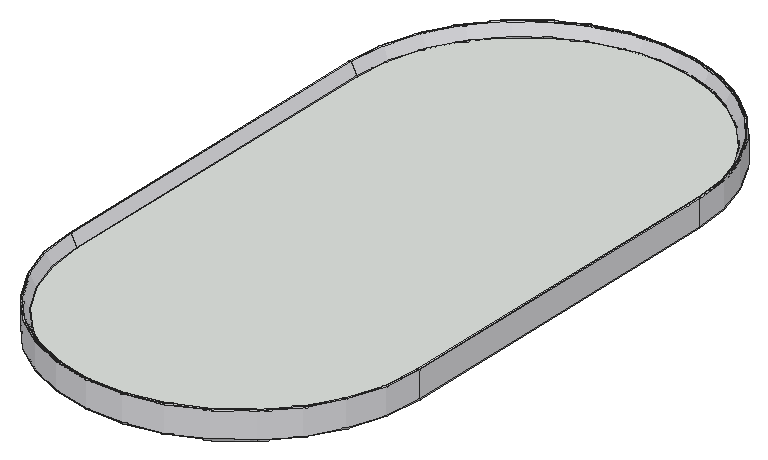
Revit family "Furniture-Mirror-KOHLER-Essential-K-31371_1", category Specialty Equipment, host Face, Revit 2022
Family settings
  Host = Face
  Round Connector Dimension = Use Diameter
  Part Type = Normal
  OmniClass Number = 23.21.37.13.15
  OmniClass Title = Mirrors
  Cut with Voids When Loaded = No
  Maintain Annotation Orientation = No
  Shared = No
  Room Calculation Point = No
Parameters (values of type "CPL-Polished Chrome")
  Width = 1 97/256"  # constant formula
  WaterSense Certified = 1 = 0  # no
  URL = "http://www.us.kohler.com/us/"
  Type = 1
  Product Page URL = "http://www.us.kohler.com/us/catalog/productDetails.jsp?productId=31371"
  Product Name = "Essential"  # constant formula
  Product Documentation Link = "https://www.us.kohler.com/webassets/kpna/catalog/pdf/en/K-31371_spec_US-CA_Kohler_en.pdf"
  Model = if(Type = 1, "K-31371-CPL", if(Type = 2, "K-31371-BNL", if(Type = 3, "K-31371-BGL", if(Type = 4, "K-31371-BLL", "NA"))))  # "K-31371-CPL"
  Material = "Premium Metal Construction"  # constant formula
  Master Format 2014 Name = "Cabinet and Drawer Hardware"  # constant formula
  Master Format 2014 = "06 41 93"  # constant formula
  Manufacturer Address = "444 Highland Dr, Kohler, WI 53044"  # constant formula
  Manufacturer = "Kohler Co."  # constant formula
  Length = 18"  # constant formula
  Height = 36"  # constant formula
  Finish = KOHLER-Metal-CPL-Polished_Chrome
  Environmental Product Declaration = ""
  Description = "Capsule 18 inch x 36 inch"  # constant formula
  Default Elevation = 60"
  Declare Label = ""
  Date Modified = "07/04/2022"  # constant formula
  Date Created = "07/04/2022"  # constant formula
  Copyright = "Copyright Kohler Co."  # constant formula
  Contact Us = "https://www.us.kohler.com/us/static/contact.jsp"
  Assembly Code = "E20"
  ADA Compliant = 1 = 0  # no
Types (5): name | Type | Model | Finish
  (no name) | 1 | "K-31371-CPL" | KOHLER-Metal-CPL-Polished_Chrome
  CPL-Polished Chrome | 1 | "K-31371-CPL" | KOHLER-Metal-CPL-Polished_Chrome
  BNL-Brushed Nickel | 2 | "K-31371-BNL" | KOHLER-Metal-BNL-Brushed_Nickel
  BGL-Moderne Brushed Gold | 3 | "K-31371-BGL" | KOHLER-Metal-BGL-Moderne_Brushed_Gold
  BLL-Matte Black | 4 | "K-31371-BLL" | KOHLER-Metal-BLL-Matte_Black
Reference planes (in)
  plane 1 "Center (Front/Back)": y = 0
  plane 2: z = 0
  plane 3 "Center (Left/Right)": x = 0
  plane 4: z = 1.37891
  plane 5: x = -9
  plane 6: y = 18
  plane 7: y = -18
  plane 8: x = 9
  plane 9: y = 13.32283
  plane 10: y = 6.14567
  plane 11: y = -6.05906
  plane 12: x = -6.03937
  plane 13: x = 6.03937
  plane 14: y = 9.77953
  plane 15: x = 0.66929
Dimensions and locks (in)
  "Width": level to plane 4
  "Length": plane 5 to plane 8
  "Height": plane 6 to plane 7
  plane 6 to plane 9 = 4.67717"
  plane 5 to plane 12 = 2.96063"
  plane 11 to plane 7 = 11.94094"
  plane 10 to plane 11 = 12.20472"
  plane 9 to plane 14 = 3.54331"
  plane 15 to plane 8 = 8.33071"
  aligned and locked: plane 2 to host face
  aligned and locked: level to host face
  aligned and locked: plane 3 "Center (Left/Right)" to nested 1
  aligned and locked: plane 1 "Center (Front/Back)" to nested 1
Automatic sketch dimensions
  host sketch curve to host sketch curve = 96"  (x2)
Nested families (in)
  nested 1: "K-31371" at (0, 0, 0), type "K-31371"
Definition of nested family "K-31371"
  Parameters (values of type "K-31371")
    Material = none
    Default Elevation = 0"
  Reference planes (in)
    plane 1 "Center (Front/Back)": y = 0
    plane 2: z = 0
    plane 3 "Center (Left/Right)": x = 0
    plane 4: x = -9
    plane 5: x = 9
    plane 6: y = 18
    plane 7: y = -18
    plane 8: z = 1.37795
    plane 9: y = 13.32283
    plane 10: y = 9.77953
    plane 11: y = 6.10236
    plane 12: y = -6.10236
  Forms (in)
    Sweep 1, solid, material <- "Material", detail levels medium+fine
      path origin (0, 0, 0) x (1, 0, 0) y (0, 1, 0)
        loop
          arc (9, 8.99625) -> (0, 17.99625) -> (-9, 8.99625) r 9
          line (-9, 8.99625) -> (-9, -8.99625)
          arc (-9, -8.99625) -> (0, -17.99625) -> (9, -8.99625) r 9
          line (9, -8.99625) -> (9, 8.99625)
      profile origin (9, 0, 0) x (1, 0, 0) y (0, 0, 1)
        loop
          line (-0.1103, 0) -> (-0.0227, 0)
          arc (-0.0227, 0) -> (-0.00665, 0.00665) -> (0, 0.0227) r 0.0227
          line (0, 0.0227) -> (0, 1.35827)
          arc (0, 1.35827) -> (-0.00577, 1.37219) -> (-0.01969, 1.37795) r 0.01969
          line (-0.01969, 1.37795) -> (-0.06093, 1.37795)
          arc (-0.06093, 1.37795) -> (-0.0769, 1.37352) -> (-0.08832, 1.36149) r 0.03102
          line (-0.08832, 1.36149) -> (-0.37943, 0.81398)
          arc (-0.37943, 0.81398) -> (-0.37897, 0.79617) -> (-0.36346, 0.7874) r 0.01809
          line (-0.36346, 0.7874) -> (-0.2599, 0.7874) -> (-0.19691, 0.90551) -> (-0.1103, 0.90551) -> (-0.1103, 0)
    Extrusion 2, solid, detail levels medium+fine
      sketch origin (0, 0, 0) x (1, 0, 0) y (0, 1, 0)
        loop
          line (8.65345, -9.25899) -> (8.65345, 9.25943)
          arc (8.65345, 9.25943) -> (-0.00004, 17.91291) -> (-8.65352, 9.25943) r 8.65348
          line (-8.65352, 9.25943) -> (-8.65352, -9.25899)
          arc (-8.65352, -9.25899) -> (-0.00004, -17.91247) -> (8.65345, -9.25899) r 8.65348
      from 0.62205 to 0.74803
    Extrusion 3, solid, material <- "Material", detail levels coarse
      sketch origin (0, 0, 0) x (1, 0, 0) y (0, 1, 0)
        loop
          arc (-9, -9.4897) -> (0, -18.4897) -> (9, -9.4897) r 9
          line (9, -9.4897) -> (9, 9.31403)
          arc (9, 9.31403) -> (0, 18.31403) -> (-9, 9.31403) r 9
          line (-9, 9.31403) -> (-9, -9.4897)
        loop
          arc (8.6063, 9.31403) -> (0, 17.92033) -> (-8.6063, 9.31403) r 8.6063
          line (-8.6063, 9.31403) -> (-8.6063, -9.4897)
          arc (-8.6063, -9.4897) -> (0, -18.096) -> (8.6063, -9.4897) r 8.6063
          line (8.6063, -9.4897) -> (8.6063, 9.31403)
      from 0 to 1.37795
    Extrusion 4, solid, detail levels coarse
      sketch origin (0, 0, 0) x (1, 0, 0) y (0, 1, 0)
        loop
          line (-8.6063, 9.31403) -> (-8.6063, -9.4897)
          arc (-8.6063, -9.4897) -> (0, -18.096) -> (8.6063, -9.4897) r 8.6063
          line (8.6063, -9.4897) -> (8.6063, 9.31403)
          arc (8.6063, 9.31403) -> (0, 17.92033) -> (-8.6063, 9.31403) r 8.6063
      from 0.5515 to 0.90551
  Lines and regions (in)
    Masking region 1
      outline origin (0, 0, 0) x (1, 0, 0) y (0, 1, 0)
        loop
          arc (9, 9.00008) -> (0, 18.00008) -> (-9, 9.00008) r 9
          line (-9, 9.00008) -> (-9, -9.00104)
          arc (-9, -9.00104) -> (0, -18.00104) -> (9, -9.00104) r 9
          line (9, -9.00104) -> (9, 9.00008)
    Masking region 2
      outline origin (0, 0, 0) x (1, 0, 0) y (0, 0, 1)
        loop
          line (9, 0.19685) -> (9, 1.1811)
          arc (9, 1.1811) -> (8.94234, 1.3203) -> (8.80315, 1.37795) r 0.19685
          line (8.80315, 1.37795) -> (-8.80315, 1.37795)
          arc (-8.80315, 1.37795) -> (-8.94234, 1.3203) -> (-9, 1.1811) r 0.19685
          line (-9, 1.1811) -> (-9, 0.19685)
          arc (-9, 0.19685) -> (-8.94234, 0.05766) -> (-8.80315, 0) r 0.19685
          line (-8.80315, 0) -> (8.80315, 0)
          arc (8.80315, 0) -> (8.94234, 0.05766) -> (9, 0.19685) r 0.19685
    Masking region 3
      outline origin (0, 0, 0) x (0, 1, 0) y (0, 0, 1)
        loop
          line (17.80315, 1.37795) -> (-17.80315, 1.37795)
          arc (-17.80315, 1.37795) -> (-17.94234, 1.3203) -> (-18, 1.1811) r 0.19685
          line (-18, 1.1811) -> (-18, 0.19685)
          arc (-18, 0.19685) -> (-17.94234, 0.05766) -> (-17.80315, 0) r 0.19685
          line (-17.80315, 0) -> (17.80315, 0)
          arc (17.80315, 0) -> (17.94234, 0.05766) -> (18, 0.19685) r 0.19685
          line (18, 0.19685) -> (18, 1.1811)
          arc (18, 1.1811) -> (17.94234, 1.3203) -> (17.80315, 1.37795) r 0.19685
    symbolic lines, detail levels medium+fine
      curve 1: arc (8.79529, 9.91277, 0) -> (0, 17.8426, 0) -> (-8.79529, 9.91277, 0) r 8.84252
      curve 2: line (8.79529, -8.99625, 0) -> (8.79529, 9.91277, 0)
      curve 3: arc (-8.79529, -8.99625, 0) -> (0, -17.79154, 0) -> (8.79529, -8.99625, 0) r 8.79529
      curve 4: line (-8.79529, 9.91277, 0) -> (-8.79529, -8.99625, 0)
      curve 5: arc (8.63781, 9.90458, 0) -> (0, 17.68512, 0) -> (-8.63781, 9.90458, 0) r 8.68504
      curve 6: line (8.63781, -8.99625, 0) -> (8.63781, 9.90458, 0)
      curve 7: arc (-8.63781, -8.99625, 0) -> (0, -17.63406, 0) -> (8.63781, -8.99625, 0) r 8.63781
      curve 8: line (-8.63781, 9.90458, 0) -> (-8.63781, -8.99625, 0)
  Dimensions and locks (in)
    locked: plane 8 to level at 1.37795
    locked: plane 4 to plane 5 at 18
    locked: plane 7 to plane 6 at 36
    aligned and locked: plane 2 to level
